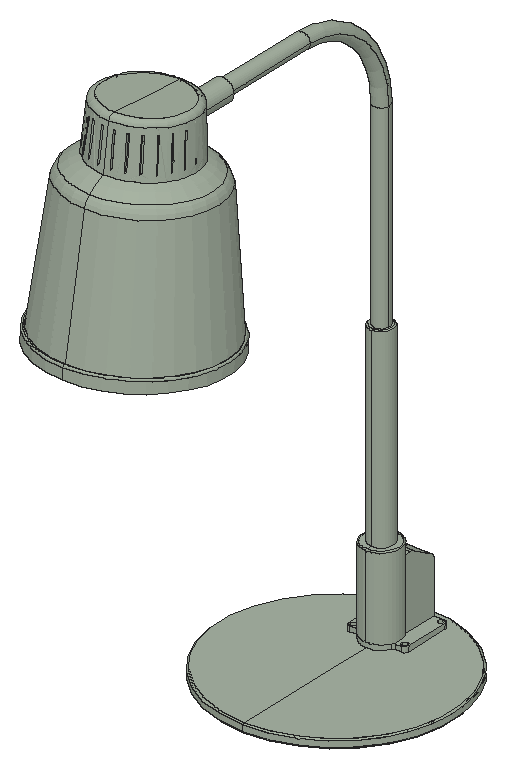
Revit family "Fristående Värmelampa Focus LPF", category Lighting Fixtures, Revit 2020
Family settings
  Round Connector Dimension = Use Diameter
  Part Type = Normal
  OmniClass Number = 23.80.70.11
  OmniClass Title = Luminaries for Internal Lighting
  Work Plane-Based = No
  Always vertical = Yes
  Cut with Voids When Loaded = No
  Light Source = No
  Shared = No
  Room Calculation Point = No
Parameters (values of type "LPF1-CG")
  Wattage = "250 W"
  Voltage = "230 V"
  Switch Material = AMA - Black
  Skärm = "H 218 / Ø 180 mm"
  Model = ""
  Main Body Material = AMA - Cement Grey
  Leg Material = AMA - Black
  Height = 635 mm
  Fot = "Ø 236 x 12 mm"
  Default Elevation = 0 mm
  Artikelnummer = "LPF1-CG"
Types (7, lengths in mm): name | Main Body Material | Artikelnummer
  (no name) | AMA - Cement Grey | "LPF1-CG"
  LPF1-CG | AMA - Cement Grey | "LPF1-CG"
  LPF1-S | AMA - Black | "LPF1-S"
  LPF1-V | AMA - White | "LPF1-V"
  LPF1-M | AMA - Brass | "LPF1-M"
  LPF1-K | AMA - Copper | "LPF1-K"
  LPF1-RF | AMA - Stainless | "LPF1-RF"
Reference planes
  plane 1 "Center (Front/Back)": y = 0
  plane 2: z = 0
  plane 3 "Center (Left/Right)": x = 0
  plane 4: x = -118
  plane 5: x = 118
  plane 6: z = 635.24
  plane 7: z = 100.5
  plane 8: y = -61.223
  plane 9: through (4267.2, -374.699, 395.414) normal (0, -0.9972, 0.0753)
  plane 10: z = 12
  plane 11: y = -236
  plane 12: y = -118
  plane 13: y = -462.975
Forms (mm)
  Extrusion 1, solid, material "AMA - Cement Grey" <- "Main Body Material"
    sketch origin (15, -30, 4012) x (0, -1, 0) y (0, 0, 1)
      loop
        arc (-12.9, -3937.84) -> (-15.006, -3939.945) -> (-15.777, -3942.821) r 5.75
        line (-15.777, -3942.821) -> (-15.777, -3995) -> (22.519, -3995) -> (22.519, -3927.958)
        arc (22.519, -3927.958) -> (21.506, -3925.513) -> (19.06, -3924.5) r 3.458
        line (19.06, -3924.5) -> (12.231, -3924.5)
        arc (12.231, -3924.5) -> (10.291, -3924.755) -> (8.483, -3925.504) r 7.5
        line (8.483, -3925.504) -> (-12.9, -3937.84)
    from 0 to 30
  Extrusion 2, solid, material "AMA - Cement Grey" <- "Main Body Material"
    sketch origin (0, -10, 12) x (1, 0, 0) y (0, 1, 0)
      loop
        line (30, -54.223) -> (30, -8.223)
        arc (30, -8.223) -> (28.828, -5.395) -> (26, -4.223) r 4
        line (26, -4.223) -> (-26, -4.223)
        arc (-26, -4.223) -> (-28.828, -5.395) -> (-30, -8.223) r 4
        line (-30, -8.223) -> (-30, -54.223)
        arc (-30, -54.223) -> (-28.828, -57.051) -> (-26, -58.223) r 4
        line (-26, -58.223) -> (-19.287, -58.223)
        arc (-19.287, -58.223) -> (-17.967, -58.6) -> (-17.045, -59.618) r 2.5
        arc (-17.045, -59.618) -> (0, -70.223) -> (17.045, -59.618) r 19
        arc (17.045, -59.618) -> (17.967, -58.6) -> (19.287, -58.223) r 2.5
        line (19.287, -58.223) -> (26, -58.223)
        arc (26, -58.223) -> (28.828, -57.051) -> (30, -54.223) r 4
      loop
        circle (26, -54.223) r 3
      loop
        circle (26, -8.223) r 3
      loop
        circle (-26, -54.223) r 3
      loop
        circle (-26, -8.223) r 3
    from 0 to 5
  Revolve 3, solid, material "AMA - Cement Grey" <- "Main Body Material"
    sketch origin (0, -10, 12) x (0, 1, 0) y (0, 0, 1)
      loop
        line (-51.223, 88.5) -> (-69.196, 88.5)
        arc (-69.196, 88.5) -> (-69.922, 88.199) -> (-70.223, 87.473) r 1.027
        line (-70.223, 87.473) -> (-70.223, 5) -> (-51.223, 5) -> (-51.223, 88.5)
      axis (-51.223, 5) -> (-51.223, 88.5)
    angle from 0 to 360
  Revolve 4, solid, material "AMA - Cement Grey" <- "Main Body Material"
    sketch origin (0, -10, 100.5) x (0, 1, 0) y (0, 0, 1)
      loop
        line (-51.223, 196) -> (-62.194, 196) -> (-63.194, 195) -> (-63.194, 0) -> (-51.223, 0) -> (-51.223, 196)
      axis (-51.223, 0) -> (-51.223, 196)
    angle from 0 to 360
  Sweep 5, solid, material "AMA - Cement Grey" <- "Main Body Material"
    path origin (0, -10, 12) x (0, 1, 0) y (0, 0, 1)
      loop
        line (-51.223, 284.5) -> (-51.223, 484)
        arc (-51.223, 484) -> (-80.512, 554.711) -> (-151.223, 584) r 100
        line (-151.223, 584) -> (-251.223, 584)
    profile origin (0, -61.223, 396.25) x (0, -1, 0) y (1, 0, 0)
      loop
        circle (0, 0) r 8
  Revolve 6, solid, material "AMA - Cement Grey" <- "Main Body Material"
    sketch origin (0, -13.608, 10.039) x (0, 0.999985, -0.005567) y (0, 0.005567, 0.999985)
      loop
        line (-449.656, 408.95) -> (-448.889, 419.923) -> (-445.985, 419.72)
        arc (-445.985, 419.72) -> (-436.283, 485.672) -> (-422.448, 550.883) r 1058.232
        arc (-422.448, 550.883) -> (-420.28, 556.054) -> (-416.626, 560.308) r 18
        arc (-416.626, 560.308) -> (-407.981, 566.318) -> (-398.338, 570.545) r 54.272
        line (-398.338, 570.545) -> (-392.136, 617.692)
        arc (-392.136, 617.692) -> (-390.701, 620.268) -> (-387.891, 621.161) r 4
        line (-387.891, 621.161) -> (-346.803, 618.288) -> (-346.663, 620.283) -> (-387.751, 623.156)
        arc (-387.751, 623.156) -> (-391.966, 621.817) -> (-394.118, 617.953) r 6
        line (-394.118, 617.953) -> (-400.159, 572.039)
        arc (-400.159, 572.039) -> (-409.509, 567.75) -> (-417.922, 561.831) r 56.272
        arc (-417.922, 561.831) -> (-421.982, 557.105) -> (-424.391, 551.359) r 20
        arc (-424.391, 551.359) -> (-438.082, 486.967) -> (-447.751, 421.849) r 1060.232
        line (-447.751, 421.849) -> (-448.998, 421.936)
        arc (-448.998, 421.936) -> (-450.269, 421.511) -> (-450.866, 420.312) r 1.75
        line (-450.866, 420.312) -> (-451.651, 409.09) -> (-449.656, 408.95)
      axis (-346.663, 620.283) -> (-361.87, 402.812)
    angle from 0 to 360
  Extrusion 7, solid, material "AMA - Cement Grey" <- "Main Body Material"
    sketch origin (0, -261.576, 595.429) x (1, 0, 0) y (0, 0.005567, 0.999985)
      loop
        circle (0, 0) r 10.977
    from -0.348 to 56.325
  Extrusion 8, void
    sketch origin (1136.736, -600.279, 598.624) x (0, 0.075309, 0.99716) y (0.968583, -0.247984, 0.018729)
      loop
        arc (7, -1159.77) -> (6, -1160.77) -> (7, -1161.77) r 1
        line (7, -1161.77) -> (40, -1161.77)
        arc (40, -1161.77) -> (41, -1160.77) -> (40, -1159.77) r 1
        line (40, -1159.77) -> (7, -1159.77)
    from 2.669 to -6.955
  Extrusion 9, void
    sketch origin (1111.867, -24.575, 555.145) x (0, 0.075309, 0.99716) y (0.968583, 0.247984, -0.018729)
      loop
        arc (7, -1159.77) -> (6, -1160.77) -> (7, -1161.77) r 1
        line (7, -1161.77) -> (40, -1161.77)
        arc (40, -1161.77) -> (41, -1160.77) -> (40, -1159.77) r 1
        line (40, -1159.77) -> (7, -1159.77)
    from 2.669 to -6.955
  Extrusion 10, void
    sketch origin (993.102, 240.59, 535.119) x (0, 0.075309, 0.99716) y (0.876307, 0.480386, -0.03628)
      loop
        arc (7, -1159.77) -> (6, -1160.77) -> (7, -1161.77) r 1
        line (7, -1161.77) -> (40, -1161.77)
        arc (40, -1161.77) -> (41, -1160.77) -> (40, -1159.77) r 1
        line (40, -1159.77) -> (7, -1159.77)
    from 2.669 to -6.955
  Extrusion 11, void
    sketch origin (811.937, 467.972, 517.946) x (0, 0.075309, 0.99716) y (0.728969, 0.682603, -0.051553)
      loop
        arc (7, -1159.77) -> (6, -1160.77) -> (7, -1161.77) r 1
        line (7, -1161.77) -> (40, -1161.77)
        arc (40, -1161.77) -> (41, -1160.77) -> (40, -1159.77) r 1
        line (40, -1159.77) -> (7, -1159.77)
    from 2.669 to -6.955
  Extrusion 12, void
    sketch origin (579.755, 643.284, 504.706) x (0, 0.075309, 0.99716) y (0.535827, 0.84193, -0.063585)
      loop
        arc (7, -1159.77) -> (6, -1160.77) -> (7, -1161.77) r 1
        line (7, -1161.77) -> (40, -1161.77)
        arc (40, -1161.77) -> (41, -1160.77) -> (40, -1159.77) r 1
        line (40, -1159.77) -> (7, -1159.77)
    from 2.669 to -6.955
  Extrusion 13, void
    sketch origin (311.145, 755.511, 496.23) x (0, 0.075309, 0.99716) y (0.309017, 0.948356, -0.071623)
      loop
        arc (7, -1159.77) -> (6, -1160.77) -> (7, -1161.77) r 1
        line (7, -1161.77) -> (40, -1161.77)
        arc (40, -1161.77) -> (41, -1160.77) -> (40, -1159.77) r 1
        line (40, -1159.77) -> (7, -1159.77)
    from 2.669 to -6.955
  Extrusion 14, void
    sketch origin (22.984, 797.602, 493.051) x (0, 0.075309, 0.99716) y (0.062791, 0.995193, -0.07516)
      loop
        arc (7, -1159.77) -> (6, -1160.77) -> (7, -1161.77) r 1
        line (7, -1161.77) -> (40, -1161.77)
        arc (40, -1161.77) -> (41, -1160.77) -> (40, -1159.77) r 1
        line (40, -1159.77) -> (7, -1159.77)
    from 2.669 to -6.955
  Extrusion 15, void
    sketch origin (-266.621, 766.91, 495.369) x (0, 0.075309, 0.99716) y (-0.187381, 0.979498, -0.073975)
      loop
        arc (7, -1159.77) -> (6, -1160.77) -> (7, -1161.77) r 1
        line (7, -1161.77) -> (40, -1161.77)
        arc (40, -1161.77) -> (41, -1160.77) -> (40, -1159.77) r 1
        line (40, -1159.77) -> (7, -1159.77)
    from 2.669 to -6.955
  Extrusion 16, void
    sketch origin (-539.473, 665.366, 503.038) x (0, 0.075309, 0.99716) y (-0.425779, 0.902258, -0.068142)
      loop
        arc (7, -1159.77) -> (6, -1160.77) -> (7, -1161.77) r 1
        line (7, -1161.77) -> (40, -1161.77)
        arc (40, -1161.77) -> (41, -1160.77) -> (40, -1159.77) r 1
        line (40, -1159.77) -> (7, -1159.77)
    from 2.669 to -6.955
  Extrusion 17, void
    sketch origin (-778.428, 499.349, 515.576) x (0, 0.075309, 0.99716) y (-0.637424, 0.768325, -0.058027)
      loop
        arc (7, -1159.77) -> (6, -1160.77) -> (7, -1161.77) r 1
        line (7, -1161.77) -> (40, -1161.77)
        arc (40, -1161.77) -> (41, -1160.77) -> (40, -1159.77) r 1
        line (40, -1159.77) -> (7, -1159.77)
    from 2.669 to -6.955
  Extrusion 18, void
    sketch origin (-968.472, 279.291, 532.196) x (0, 0.075309, 0.99716) y (-0.809017, 0.586116, -0.044266)
      loop
        arc (7, -1159.77) -> (6, -1160.77) -> (7, -1161.77) r 1
        line (7, -1161.77) -> (40, -1161.77)
        arc (40, -1161.77) -> (41, -1160.77) -> (40, -1159.77) r 1
        line (40, -1159.77) -> (7, -1159.77)
    from 2.669 to -6.955
  Extrusion 19, void
    sketch origin (-1097.662, 19.019, 551.852) x (0, 0.075309, 0.99716) y (-0.929776, 0.367079, -0.027723)
      loop
        arc (7, -1159.77) -> (6, -1160.77) -> (7, -1161.77) r 1
        line (7, -1161.77) -> (40, -1161.77)
        arc (40, -1161.77) -> (41, -1160.77) -> (40, -1159.77) r 1
        line (40, -1159.77) -> (7, -1159.77)
    from 2.669 to -6.955
  Extrusion 20, void
    sketch origin (-1157.883, -265.113, 573.311) x (0, 0.075309, 0.99716) y (-0.992115, 0.124977, -0.009439)
      loop
        arc (7, -1159.77) -> (6, -1160.77) -> (7, -1161.77) r 1
        line (7, -1161.77) -> (40, -1161.77)
        arc (40, -1161.77) -> (41, -1160.77) -> (40, -1159.77) r 1
        line (40, -1159.77) -> (7, -1159.77)
    from 2.669 to -6.955
  Extrusion 21, void
    sketch origin (-1145.35, -555.253, 595.224) x (0, 0.075309, 0.99716) y (-0.992115, -0.124977, 0.009439)
      loop
        arc (7, -1159.77) -> (6, -1160.77) -> (7, -1161.77) r 1
        line (7, -1161.77) -> (40, -1161.77)
        arc (40, -1161.77) -> (41, -1160.77) -> (40, -1159.77) r 1
        line (40, -1159.77) -> (7, -1159.77)
    from 2.669 to -6.955
  Extrusion 22, void
    sketch origin (-1060.85, -833.169, 616.213) x (0, 0.075309, 0.99716) y (-0.929776, -0.367079, 0.027723)
      loop
        arc (7, -1159.77) -> (6, -1160.77) -> (7, -1161.77) r 1
        line (7, -1161.77) -> (40, -1161.77)
        arc (40, -1161.77) -> (41, -1160.77) -> (40, -1159.77) r 1
        line (40, -1159.77) -> (7, -1159.77)
    from 2.669 to -6.955
  Extrusion 23, void
    sketch origin (-909.693, -1081.4, 634.96) x (0, 0.075309, 0.99716) y (-0.809017, -0.586116, 0.044266)
      loop
        arc (7, -1159.77) -> (6, -1160.77) -> (7, -1161.77) r 1
        line (7, -1161.77) -> (40, -1161.77)
        arc (40, -1161.77) -> (41, -1160.77) -> (40, -1159.77) r 1
        line (40, -1159.77) -> (7, -1159.77)
    from 2.669 to -6.955
  Extrusion 24, void
    sketch origin (-701.377, -1284.347, 650.287) x (0, 0.075309, 0.99716) y (-0.637424, -0.768325, 0.058027)
      loop
        arc (7, -1159.77) -> (6, -1160.77) -> (7, -1161.77) r 1
        line (7, -1161.77) -> (40, -1161.77)
        arc (40, -1161.77) -> (41, -1160.77) -> (40, -1159.77) r 1
        line (40, -1159.77) -> (7, -1159.77)
    from 2.669 to -6.955
  Extrusion 25, void
    sketch origin (-448.99, -1429.26, 661.232) x (0, 0.075309, 0.99716) y (-0.425779, -0.902258, 0.068142)
      loop
        arc (7, -1159.77) -> (6, -1160.77) -> (7, -1161.77) r 1
        line (7, -1161.77) -> (40, -1161.77)
        arc (40, -1161.77) -> (41, -1160.77) -> (40, -1159.77) r 1
        line (40, -1159.77) -> (7, -1159.77)
    from 2.669 to -6.955
  Extrusion 26, void
    sketch origin (-168.392, -1507.032, 667.105) x (0, 0.075309, 0.99716) y (-0.187381, -0.979498, 0.073975)
      loop
        arc (7, -1159.77) -> (6, -1160.77) -> (7, -1161.77) r 1
        line (7, -1161.77) -> (40, -1161.77)
        arc (40, -1161.77) -> (41, -1160.77) -> (40, -1159.77) r 1
        line (40, -1159.77) -> (7, -1159.77)
    from 2.669 to -6.955
  Extrusion 27, void
    sketch origin (122.787, -1512.777, 667.539) x (0, 0.075309, 0.99716) y (0.062791, -0.995193, 0.07516)
      loop
        arc (7, -1159.77) -> (6, -1160.77) -> (7, -1161.77) r 1
        line (7, -1161.77) -> (40, -1161.77)
        arc (40, -1161.77) -> (41, -1160.77) -> (40, -1159.77) r 1
        line (40, -1159.77) -> (7, -1159.77)
    from 2.669 to -6.955
  Extrusion 28, void
    sketch origin (406.25, -1446.134, 662.506) x (0, 0.075309, 0.99716) y (0.309017, -0.948356, 0.071623)
      loop
        arc (7, -1159.77) -> (6, -1160.77) -> (7, -1161.77) r 1
        line (7, -1161.77) -> (40, -1161.77)
        arc (40, -1161.77) -> (41, -1160.77) -> (40, -1159.77) r 1
        line (40, -1159.77) -> (7, -1159.77)
    from 2.669 to -6.955
  Extrusion 29, void
    sketch origin (664.188, -1311.29, 652.322) x (0, 0.075309, 0.99716) y (0.535827, -0.84193, 0.063585)
      loop
        arc (7, -1159.77) -> (6, -1160.77) -> (7, -1161.77) r 1
        line (7, -1161.77) -> (40, -1161.77)
        arc (40, -1161.77) -> (41, -1160.77) -> (40, -1159.77) r 1
        line (40, -1159.77) -> (7, -1159.77)
    from 2.669 to -6.955
  Extrusion 30, void
    sketch origin (880.392, -1116.718, 637.627) x (0, 0.075309, 0.99716) y (0.728969, -0.682603, 0.051553)
      loop
        arc (7, -1159.77) -> (6, -1160.77) -> (7, -1161.77) r 1
        line (7, -1161.77) -> (40, -1161.77)
        arc (40, -1161.77) -> (41, -1160.77) -> (40, -1159.77) r 1
        line (40, -1159.77) -> (7, -1159.77)
    from 2.669 to -6.955
  Extrusion 31, void
    sketch origin (1041.278, -874.644, 619.345) x (0, 0.075309, 0.99716) y (0.876307, -0.480386, 0.03628)
      loop
        arc (7, -1159.77) -> (6, -1160.77) -> (7, -1161.77) r 1
        line (7, -1161.77) -> (40, -1161.77)
        arc (40, -1161.77) -> (41, -1160.77) -> (40, -1159.77) r 1
        line (40, -1159.77) -> (7, -1159.77)
    from 2.669 to -6.955
  Extrusion 32, solid, material "AMA - Black" <- "Switch Material"
    sketch origin (26, -14.223, 12) x (-1, 0, 0) y (0, 0, 1)
      loop
        line (21, 49.217) -> (21, 34.217) -> (31, 34.217) -> (31, 49.217) -> (21, 49.217)
      loop
        line (22, 35.217) -> (30, 35.217) -> (30, 48.217) -> (22, 48.217) -> (22, 35.217)
    from 0 to 3
  Extrusion 33, solid, material "AMA - Black" <- "Switch Material"
    sketch origin (26, -14.223, 12) x (-1, 0, 0) y (0, 0, 1)
      loop
        circle (26, 13) r 5
      loop
        circle (26, 13) r 2
    from 0 to 4.223
  Extrusion 34, solid, material "AMA - Black" <- "Switch Material"
    sketch origin (-4, -12.223, 47.217) x (0, 0, 1) y (0, -1, 0)
      loop
        line (13, 0) -> (0, 0) -> (1.381, -1.833)
        arc (1.381, -1.833) -> (1.854, -2.177) -> (2.439, -2.197) r 1
        arc (2.439, -2.197) -> (7.675, -1.203) -> (13, -1) r 35.7
        line (13, -1) -> (13, 0)
    from 0 to 8
  Revolve 35, solid, material "AMA - Cement Grey" <- "Main Body Material"
    sketch origin (0, -10, 0) x (0, 1, 0) y (0, 0, 1)
      loop
        line (-108, 12) -> (-224.5, 12) -> (-226, 10.5) -> (-226, 4.5) -> (-224.5, 3) -> (-108, 3) -> (-108, 12)
      axis (-108, 3) -> (-108, 12)
    angle from 0 to 360
  Revolve 36, solid, material "AMA - Black" <- "Leg Material"
    sketch origin (67, 1543.374, 4000) x (0, 1, 0) y (0, 0, 1)
      loop
        line (-1733.374, -3997) -> (-1733.374, -3998) -> (-1732.374, -3998) -> (-1731.646, -4000) -> (-1728.374, -4000) -> (-1728.374, -3997) -> (-1733.374, -3997)
      axis (-1728.374, -4000) -> (-1728.374, -3997)
    angle from 0 to 360
  Revolve 37, solid, material "AMA - Black" <- "Leg Material"
    sketch origin (0, 0, 0) x (0, 1, 0) y (0, 0, 1)
      loop
        line (-232, 3) -> (-232, 2) -> (-231, 2) -> (-230.272, 0) -> (-227, 0) -> (-227, 3) -> (-232, 3)
      axis (-227, 0) -> (-227, 3)
    angle from 0 to 360
  Revolve 38, solid, material "AMA - Black" <- "Leg Material"
    sketch origin (-67, 1543.374, 4000) x (0, 1, 0) y (0, 0, -1)
      loop
        line (-1733.374, 3997) -> (-1728.374, 3997) -> (-1728.374, 4000) -> (-1731.646, 4000) -> (-1732.374, 3998) -> (-1733.374, 3998) -> (-1733.374, 3997)
      axis (-1728.374, 4000) -> (-1728.374, 3997)
    angle from 0 to 360
  Revolve 39, solid, material "AMA - Black" <- "Leg Material"
    sketch origin (67, -1779.374, 4000) x (0, -1, 0) y (0, 0, -1)
      loop
        line (-1733.374, 3997) -> (-1728.374, 3997) -> (-1728.374, 4000) -> (-1731.646, 4000) -> (-1732.374, 3998) -> (-1733.374, 3998) -> (-1733.374, 3997)
      axis (-1728.374, 4000) -> (-1728.374, 3997)
    angle from 0 to 360
  Revolve 40, solid, material "AMA - Black" <- "Leg Material"
    sketch origin (0, -236, 0) x (0, -1, 0) y (0, 0, -1)
      loop
        line (-232, -3) -> (-227, -3) -> (-227, 0) -> (-230.272, 0) -> (-231, -2) -> (-232, -2) -> (-232, -3)
      axis (-227, 0) -> (-227, -3)
    angle from 0 to 360
  Revolve 41, solid, material "AMA - Black" <- "Leg Material"
    sketch origin (-67, -1779.374, 4000) x (0, -1, 0) y (0, 0, 1)
      loop
        line (-1733.374, -3997) -> (-1733.374, -3998) -> (-1732.374, -3998) -> (-1731.646, -4000) -> (-1728.374, -4000) -> (-1728.374, -3997) -> (-1733.374, -3997)
      axis (-1728.374, -4000) -> (-1728.374, -3997)
    angle from 0 to 360
Cuts and joins
  Extrusion 8, Extrusion 9, Extrusion 10, Extrusion 11, Extrusion 12, Extrusion 13, Extrusion 14, Extrusion 15, Extrusion 16, Extrusion 17, Extrusion 18, Extrusion 19, Extrusion 20, Extrusion 21, Extrusion 22, Extrusion 23, Extrusion 24, Extrusion 25, Extrusion 26, Extrusion 27, Extrusion 28, Extrusion 29, Extrusion 30, Extrusion 31 cuts Revolve 6
  joined: Revolve 6, Extrusion 7
  joined: Extrusion 1, Extrusion 2, Revolve 3
Lines and regions (mm)
  symbolic lines
    curve 1: line (-10.977, -261.228, 0) -> (-10.977, -311.54, 0)
    curve 2: line (10.977, -261.228, 0) -> (10.977, -311.574, 0)
    curve 3: line (10.977, -261.228, 0) -> (-10.977, -261.228, 0)
    curve 4: line (8, -61.223, 0) -> (8, -261.228, 0)
    curve 5: line (-8, -61.223, 0) -> (-8, -261.228, 0)
    curve 6: arc (-8, -61.223, 0) -> (0, -53.223, 0) -> (8, -61.223, 0) r 8
    curve 7: arc (8, -78.457, 0) -> (0, -42.223, 0) -> (-8, -78.457, 0) r 19
    curve 8: line (-30, -18.223, 0) -> (-30, -64.223, 0)
    curve 9: line (26, -14.223, 0) -> (-26, -14.223, 0)
    curve 10: line (30, -64.223, 0) -> (30, -18.223, 0)
    curve 11: line (19.287, -68.223, 0) -> (26, -68.223, 0)
    curve 12: arc (26, -68.223, 0) -> (28.828, -67.051, 0) -> (30, -64.223, 0) r 4
    curve 13: line (-26, -68.223, 0) -> (-19.287, -68.223, 0)
    curve 14: arc (-30, -64.223, 0) -> (-28.828, -67.051, 0) -> (-26, -68.223, 0) r 4
    curve 15: arc (-19.287, -68.223, 0) -> (-17.967, -68.6, 0) -> (-17.045, -69.618, 0) r 2.5
    curve 16: arc (17.045, -69.618, 0) -> (17.967, -68.6, 0) -> (19.287, -68.223, 0) r 2.5
    curve 17: arc (30, -18.223, 0) -> (28.828, -15.395, 0) -> (26, -14.223, 0) r 4
    curve 18: arc (-26, -14.223, 0) -> (-28.828, -15.395, 0) -> (-30, -18.223, 0) r 4
    curve 19: circle (-26, -18.223, 0) r 3 normal (0, 0, 1)
    curve 20: circle (26, -18.223, 0) r 3 normal (0, 0, -1)
    curve 21: circle (-26, -64.223, 0) r 3 normal (0, 0, 1)
    curve 22: circle (26, -64.223, 0) r 3 normal (0, 0, -1)
    curve 23: arc (8, -70.129, 0) -> (0, -49.252, 0) -> (-8, -70.129, 0) r 11.971
    curve 24: arc (8, -68.731, 0) -> (0, -50.252, 0) -> (-8, -68.731, 0) r 10.971
    curve 25: line (-15, -14.223, 0) -> (-15, -49.561, 0)
    curve 26: line (15, -14.223, 0) -> (15, -49.561, 0)
    curve 27: line (-5, -10, 0) -> (5, -10, 0)
    curve 28: line (-5, -14.223, 0) -> (-5, -10, 0)
    curve 29: line (5, -10, 0) -> (5, -14.223, 0)
    curve 30: arc (8, -234.225, 0) -> (0, -1.5, 0) -> (-8, -234.225, 0) r 116.5
    curve 31: arc (8, -235.729, 0) -> (0, 0, 0) -> (-8, -235.729, 0) r 118
    curve 32: circle (-0.075, -360.338, 0) r 50 normal (0, 0, 1)
    curve 33: arc (-10.977, -283.5, 0) -> (-0.151, -462.837, 0) -> (10.977, -283.519, 0) r 90
Dimensions and locks
  aligned and locked: level to plane 2
